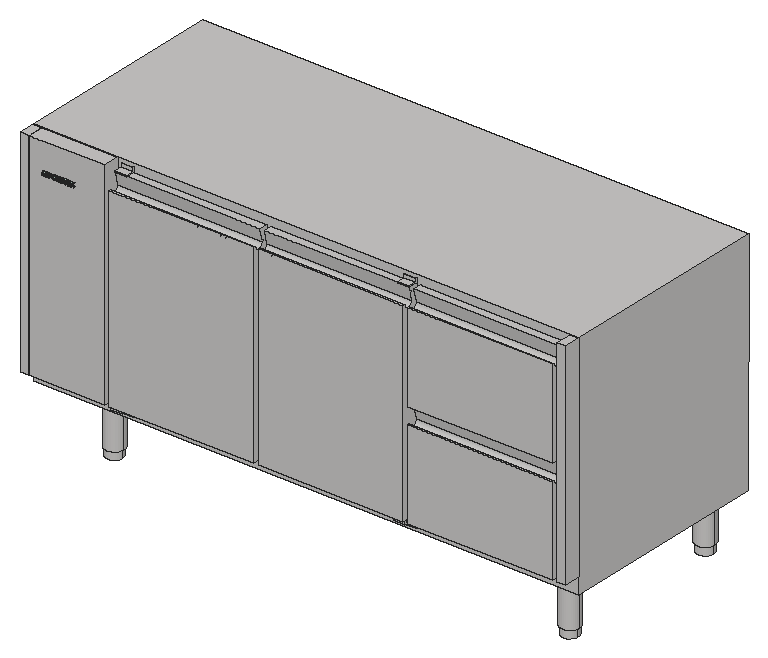
Revit family "QF_ALPENINOX_713349_AHR3RL", category Specialty Equipment, Revit 2014
Parameters
  Manufacturer = ""
  Model = ""
  Description = ""
Reference planes
  plane 1: z = 0
  plane 2 "Center (Left/Right)": x = -124.5
  plane 3 "Center (Front/Back)": y = 64.5
  plane 4 "FEET": z = 150
  plane 5 "TOP": z = 900
  plane 6 "PLAIN": z = 850
  plane 7 "EI_back": y = -116
  plane 8 "EI_left": x = -825
  plane 9 "BACK": y = 412
  plane 10 "FRONT": y = -283
  plane 11 "DOOR": y = -233
  plane 12 "LEFT": x = -953
  plane 13 "RIGHT": x = 704
  plane 14: x = -928
  plane 15: x = 679
  plane 16 "RO_left": x = -872
  plane 17 "RI_left": x = -847
  plane 18 "RO_back": y = 39
  plane 19 "RI_back": y = 39
  plane 20 "DRAINleft": x = -887
  plane 21 "DRAINback": y = 164
Forms (mm)
  Extrusion 1, solid, material "QF_Finishes_Stainless Steel"
    sketch origin (-1022.223, -1524, 150) x (-1, 0, 0) y (0, -1, 0)
      loop
        circle (-197.223, -1408) r 5
    from 0 to -40
  Extrusion 2, solid, material "QF_Finishes_Stainless Steel"
    sketch origin (-1022.223, -1524, 150) x (-1, 0, 0) y (0, -1, 0)
      loop
        line (-1701.223, -1291) -> (-1701.223, -1241) -> (-1726.223, -1241) -> (-1726.223, -1291) -> (-1701.223, -1291)
    from 48 to 700
  Extrusion 3, solid, material "QF_Finishes_Stainless Steel"
    sketch origin (-1022.223, -1524, 150) x (-1, 0, 0) y (0, -1, 0)
      loop
        circle (-150.223, -1563) r 4.25
    from 0 to -20
  Extrusion 4, solid, material "QF_Finishes_Stainless Steel"
    sketch origin (-1022.223, -1524, 150) x (-1, 0, 0) y (0, -1, 0)
      loop
        circle (-175.223, -1563) r 4
    from 0 to -20
  Extrusion 5, solid, material "QF_Finishes_Stainless Steel"
    sketch origin (-1022.223, -1524, 150) x (-1, 0, 0) y (0, -1, 0)
      loop
        circle (-135.223, -1688) r 8.5
    from 0 to -40
  Extrusion 6, solid, material "QF_Finishes_Stainless Steel"
    sketch origin (-1022.223, -1524, 150) x (-1, 0, 0) y (0, -1, 0)
      loop
        line (-69.223, -1936) -> (-69.223, -1291) -> (-1726.223, -1291) -> (-1726.223, -1936) -> (-69.223, -1936)
    from 0 to 700
  Extrusion 7, solid, material "QF_Finishes_Stainless Steel"
    sketch origin (773.223, -1524, 150) x (1, 0, 0) y (0, 1, 0)
      loop
        line (-1701.223, 1291) -> (-1726.223, 1291) -> (-1726.223, 1241) -> (-1701.223, 1241) -> (-1701.223, 1291)
    from 48 to 700
Lines and regions (mm)
  symbolic lines, style "SpecialityEquipmentHiddenLines"
    curve 1: line (-953, 412, 150) -> (704, 412, 150)
    curve 2: line (-953, -283, 150) -> (-953, 412, 150)
    curve 3: line (704, -283, 150) -> (-953, -283, 150)
    curve 4: line (704, 412, 150) -> (704, -283, 150)
    curve 5: line (-953, -233, 150) -> (704, -233, 150)
    curve 6: line (679, -233, 150) -> (679, -283, 150)
    curve 7: line (-928, -233, 150) -> (-928, -283, 150)
Dimensions and locks
  plane 4 "FEET" to level = 150 mm
  plane 11 "DOOR" to plane 10 "FRONT" = 50 mm
  plane 6 "PLAIN" to plane 4 "FEET" = 700 mm
  plane 5 "TOP" to plane 6 "PLAIN" = 50 mm
  plane 12 "LEFT" to plane 14 = 25 mm
  plane 15 to plane 13 "RIGHT" = 25 mm
  plane 9 "BACK" to plane 18 "RO_back" = 373 mm
  plane 9 "BACK" to plane 7 "EI_back" = 528 mm
  plane 9 "BACK" to plane 19 "RI_back" = 373 mm
  plane 9 "BACK" to plane 21 "DRAINback" = 248 mm
  plane 12 "LEFT" to plane 20 "DRAINleft" = 66 mm
  plane 12 "LEFT" to plane 8 "EI_left" = 128 mm
  plane 12 "LEFT" to plane 17 "RI_left" = 106 mm
  plane 12 "LEFT" to plane 16 "RO_left" = 81 mm
  plane 9 "BACK" to plane 10 "FRONT" = 695 mm
  equal spacing: plane 9 "BACK", plane 3 "Center (Front/Back)", plane 10 "FRONT"
  plane 12 "LEFT" to plane 13 "RIGHT" = 1657 mm
  equal spacing: plane 12 "LEFT", plane 2 "Center (Left/Right)", plane 13 "RIGHT"
  aligned and locked: level to plane 1
Automatic sketch dimensions
  Extrusion 1 sketch curve to plane 7 "EI_back" = 0 mm
  Extrusion 1 sketch curve to plane 8 "EI_left" = 0 mm
  Extrusion 2 sketch curve to plane 11 "DOOR" = 0 mm
  Extrusion 2 sketch curve to plane 13 "RIGHT" = 0 mm
  Extrusion 2 sketch curve to plane 10 "FRONT" = 0 mm
  Extrusion 2 sketch curve to plane 15 = 0 mm
  Extrusion 3 sketch curve to plane 16 "RO_left" = 0 mm
  Extrusion 3 sketch curve to plane 18 "RO_back" = 0 mm
  Extrusion 5 sketch curve to plane 20 "DRAINleft" = 0 mm
  Extrusion 5 sketch curve to plane 21 "DRAINback" = 0 mm
  Extrusion 6 sketch curve to plane 9 "BACK" = 0 mm
  Extrusion 6 sketch curve to plane 13 "RIGHT" = 0 mm
  Extrusion 6 sketch curve to plane 11 "DOOR" = 0 mm
  Extrusion 6 sketch curve to plane 12 "LEFT" = 0 mm
  curve 4 to plane 10 "FRONT" = 0 mm
  curve 4 to plane 13 "RIGHT" = 0 mm
  curve 6 to plane 11 "DOOR" = 0 mm
  curve 6 to plane 15 = 0 mm
  curve 7 to plane 14 = 0 mm
  curve 3 to plane 12 "LEFT" = 0 mm
  curve 1 to plane 9 "BACK" = 0 mm
  Extrusion 7 sketch curve to plane 11 "DOOR" = 0 mm
  Extrusion 7 sketch curve to plane 12 "LEFT" = 0 mm
  Extrusion 7 sketch curve to plane 10 "FRONT" = 0 mm
  Extrusion 7 sketch curve to plane 14 = 0 mm
  Extrusion 4 sketch curve to plane 17 "RI_left" = 0 mm
  Extrusion 4 sketch curve to plane 19 "RI_back" = 0 mm
  radius of Extrusion 1 sketch curve = 5 mm
  radius of Extrusion 3 sketch curve = 4.25 mm
  radius of Extrusion 5 sketch curve = 8.5 mm
  radius of Extrusion 4 sketch curve = 4 mm
Nested families
  nested 1: "HPP_Refrigerator" at (704, -283, 0), type "HPP_Refrigerator"
  nested 2: "HPP_FEET" at (-746, 331, 0), type "HPP_FEET"
  nested 3: "HPP_FEET" at (638, 331, 0), type "HPP_FEET"
  nested 4: "HPP_FEET" at (-746, -183, 0), type "HPP_FEET"
  nested 5: "HPP_FEET" at (638, -183, 0), type "HPP_FEET"
  nested 6: "HPP_APX_REM_TN_L" at (-733.58, -233, 598) x (1, 0, 0) z (0, -1, 0), type "HPP_APX_REM_TN_L"
    with Show Logo yes
  nested 7: "HPP_APX_SD_L" at (-463, -233, 512) x (1, 0, 0) z (0, -1, 0), type "HPP_APX_SD_L"
    with Show Clearance yes
  nested 8: "HPP_APX_SD_R" at (-9, -233, 512) x (1, 0, 0) z (0, -1, 0), type "HPP_APX_SD_R"
    with Show Clearance yes
  nested 9: "HPP_APX_HALF" at (445, -233, 512) x (1, 0, 0) z (0, -1, 0), type "HPP_APX_HALF"
    with Show Clearance yes
Connectors
  electrical at (-825, -116, 110)
    settings: on Extrusion 1, index 1, voltage 0 V, apparent load 0 VA, apparent load phase1 0 VA, apparent load phase2 0 VA, apparent load phase3 0 VA, power factor 1, load classification "Other", number of poles 1, system type 31, power factor state 1, is connector primary yes, connector utility no, sub classification motor no, connector description "Electrical Connection"
  piping at (-872, 39, 130), diameter 9.5
    settings: on Extrusion 3, index 3, connector inside diameter 609.6 mm, connector length 0 mm, flow factor 0, pipe flow 0.0 L/s, pressure drop 0.0 Pa, fitting loss kfactor 0, connector angle 0.00°, fixture units 0, engagement length 0 mm, angle of deflection 0.00°, flow configuration 1, flow direction 2, fitting loss method 0, system type 8, joint type 0, gender type 0, connector reference index -1, connector utility 0, adjustable connector no, is connector primary yes, connector description "Refrigerant Outlet"
  piping at (-847, 39, 130), diameter 8
    settings: on Extrusion 4, index 4, connector inside diameter 609.6 mm, connector length 0 mm, flow factor 0, pipe flow 0.0 L/s, pressure drop 0.0 Pa, fitting loss kfactor 0, connector angle 0.00°, fixture units 0, engagement length 0 mm, angle of deflection 0.00°, flow configuration 1, flow direction 1, fitting loss method 0, system type 7, joint type 0, gender type 0, connector reference index -1, connector utility 0, adjustable connector no, is connector primary no, connector description "Refrigerant Inlet"
  piping at (-887, 164, 110), diameter 17
    settings: on Extrusion 5, index 5, connector inside diameter 609.6 mm, connector length 0 mm, flow factor 0, pipe flow 0.0 L/s, pressure drop 0.0 Pa, fitting loss kfactor 0, connector angle 0.00°, fixture units 0, engagement length 0 mm, angle of deflection 0.00°, flow configuration 1, flow direction 2, fitting loss method 0, system type 16, joint type 0, gender type 0, connector reference index -1, connector utility 0, adjustable connector no, is connector primary no, connector description "Drain"
Definition of nested family "HPP_FEET"
  Parameters (values of type "HPP_FEET")
    FEET = 150 mm
  Reference planes
    plane 1 "Center (Front/Back)": y = 0
    plane 2: z = 0
    plane 3 "Center (Left/Right)": x = 0
    plane 4: z = 150
  Forms (mm)
    Revolve 1, solid, material "QF_Finishes_Stainless Steel"
      sketch origin (255.05, 0, 608.09) x (0, 0, 1) y (-1, 0, 0)
        loop
          line (-608.09, 255.05) -> (-608.09, 230.05) -> (-583.09, 230.05) -> (-583.09, 226.05) -> (-458.09, 226.05) -> (-458.09, 255.05) -> (-608.09, 255.05)
        axis (-608.09, 255.05) -> (-458.09, 255.05)
      angle from 0 to 360
  Dimensions and locks
    locked: Revolve 1 sketch curve to Revolve 1 sketch curve at 125
    "FEET": plane 4 to plane 2
    aligned and locked: level to plane 2
    aligned and locked: plane 4 to Revolve 1 sketch curve
    aligned and locked: Revolve 1 sketch curve to level
    aligned and locked: plane 3 "Center (Left/Right)" to Revolve 1 sketch curve
  Automatic sketch dimensions
    Revolve 1 sketch curve to plane 3 "Center (Left/Right)" = 0 mm
    Revolve 1 sketch curve to Revolve 1 sketch curve = 25 mm
    Revolve 1 sketch curve to Revolve 1 sketch curve = 29 mm
    plane 4 to Revolve 1 sketch curve = 50 mm
    Revolve 1 sketch curve to Revolve 1 sketch curve = 20 mm
Definition of nested family "HPP_APX_REM_TN_L"
  Parameters (values of type "HPP_APX_REM_TN_L")
    Show Logo [instance] = yes
    Default Elevation = 1219.2 mm
  Reference planes
    plane 1 "Center (Front/Back)": y = -74
    plane 2: z = 0
    plane 3 "Center (Left/Right)": x = -78.92
    plane 4: x = -194.42
    plane 5: x = 36.58
    plane 6: y = 252
    plane 7: y = -400
  Forms (mm)
    Extrusion 1, solid
      sketch origin (0, 0, 0) x (1, 0, 0) y (0, 1, 0)
        loop
          line (-1219.2, 1219.2) -> (-1219.2, -1219.2) -> (1219.2, -1219.2) -> (1219.2, 1219.2) -> (-1219.2, 1219.2)
      from 0 to -304.8
    Extrusion 2, solid, material "QF_Finishes_Stainless Steel"
      sketch origin (0, 0, 0) x (1, 0, 0) y (0, 1, 0)
        loop
          line (-194.42, 252) -> (-194.42, -400) -> (36.58, -400) -> (36.58, 252) -> (-194.42, 252)
      from 0 to 50
    Extrusion 3, solid, material "QF_Finishes_Alpeninox_Soft Green"
      sketch origin (18.272, 0.892, 0) x (1, 0, 0) y (0, 1, 0)
        loop
          line (-168.675, 170.349) -> (-172.411, 160.318)
          arc (-172.411, 160.318) -> (-171.624, 158.497) -> (-169.837, 159.36) r 1.374
          line (-169.837, 159.36) -> (-169.268, 161.111) -> (-164.1, 161.111) -> (-163.54, 159.379)
          arc (-163.54, 159.379) -> (-161.802, 158.542) -> (-161.049, 160.318) r 1.333
          line (-161.049, 160.318) -> (-164.694, 170.349)
          arc (-164.694, 170.349) -> (-166.685, 171.876) -> (-168.675, 170.349) r 2.06
        loop
          line (-166.681, 169.055) -> (-168.469, 163.655) -> (-164.935, 163.655) -> (-166.681, 169.055)
        loop
          arc (-159.705, 160.042) -> (-159.262, 158.973) -> (-158.194, 158.531) r 1.512
          line (-158.194, 158.531) -> (-153.608, 158.531)
          arc (-153.608, 158.531) -> (-152.337, 159.802) -> (-153.608, 161.074) r 1.272
          line (-153.608, 161.074) -> (-156.917, 161.074) -> (-156.917, 170.328)
          arc (-156.917, 170.328) -> (-158.311, 171.722) -> (-159.705, 170.328) r 1.394
          line (-159.705, 170.328) -> (-159.705, 160.042)
        loop
          line (-151.076, 170.218) -> (-151.076, 159.859)
          arc (-151.076, 159.859) -> (-149.683, 158.466) -> (-148.29, 159.859) r 1.393
          line (-148.29, 159.859) -> (-148.29, 162.882) -> (-146.225, 162.882)
          arc (-146.225, 162.882) -> (-142.999, 163.859) -> (-141.608, 166.928) r 4.082
          arc (-141.608, 166.928) -> (-142.993, 170.272) -> (-146.336, 171.657) r 4.728
          line (-146.336, 171.657) -> (-149.638, 171.657)
          arc (-149.638, 171.657) -> (-150.655, 171.235) -> (-151.076, 170.218) r 1.439
        loop
          line (-148.29, 165.313) -> (-146.388, 165.313)
          arc (-146.388, 165.313) -> (-144.433, 167.268) -> (-146.388, 169.222) r 1.955
          line (-146.388, 169.222) -> (-148.29, 169.222) -> (-148.29, 165.313)
        loop
          arc (-131.184, 166.332) -> (-132.004, 168.2) -> (-133.767, 169.228) r 3.3
          arc (-133.767, 169.228) -> (-136.353, 168.661) -> (-137.611, 166.332) r 3.176
          line (-137.611, 166.332) -> (-131.184, 166.332)
        loop
          line (-137.538, 163.743) -> (-130.544, 163.743)
          arc (-130.544, 163.743) -> (-129.292, 163.916) -> (-128.301, 164.701) r 2.4
          arc (-128.301, 164.701) -> (-128.155, 165.545) -> (-128.212, 166.399) r 3.635
          arc (-128.212, 166.399) -> (-130.364, 170.162) -> (-134.39, 171.769) r 6.579
          arc (-134.39, 171.769) -> (-138.918, 169.706) -> (-140.661, 165.044) r 6.501
          arc (-140.661, 165.044) -> (-139.276, 160.789) -> (-135.401, 158.549) r 6.252
          arc (-135.401, 158.549) -> (-132.922, 158.526) -> (-130.544, 159.232) r 8.361
          arc (-130.544, 159.232) -> (-129.466, 159.781) -> (-128.641, 160.666) r 3.486
          arc (-128.641, 160.666) -> (-128.419, 161.592) -> (-128.828, 162.451) r 1.425
          arc (-128.828, 162.451) -> (-129.368, 162.762) -> (-129.99, 162.762) r 1.203
          arc (-129.99, 162.762) -> (-130.406, 162.59) -> (-130.764, 162.316) r 1.724
          arc (-130.764, 162.316) -> (-131.666, 161.705) -> (-132.646, 161.229) r 7.6
          arc (-132.646, 161.229) -> (-135.676, 161.35) -> (-137.538, 163.743) r 3.6
        loop
          line (-126.669, 170.328) -> (-126.669, 159.859)
          arc (-126.669, 159.859) -> (-125.273, 158.463) -> (-123.878, 159.859) r 1.396
          line (-123.878, 159.859) -> (-123.878, 166.785) -> (-117.946, 159.029)
          arc (-117.946, 159.029) -> (-116.361, 158.51) -> (-115.379, 159.859) r 1.417
          line (-115.379, 159.859) -> (-115.379, 170.328)
          arc (-115.379, 170.328) -> (-116.774, 171.723) -> (-118.169, 170.328) r 1.395
          line (-118.169, 170.328) -> (-118.169, 163.311) -> (-124.101, 171.157)
          arc (-124.101, 171.157) -> (-125.687, 171.678) -> (-126.669, 170.328) r 1.418
        loop
          arc (-113.636, 159.859) -> (-112.241, 158.464) -> (-110.847, 159.859) r 1.394
          line (-110.847, 159.859) -> (-110.847, 170.328)
          arc (-110.847, 170.328) -> (-112.241, 171.723) -> (-113.636, 170.328) r 1.394
          line (-113.636, 170.328) -> (-113.636, 159.859)
        loop
          line (-109.102, 170.328) -> (-109.102, 159.859)
          arc (-109.102, 159.859) -> (-107.706, 158.463) -> (-106.31, 159.859) r 1.396
          line (-106.31, 159.859) -> (-106.31, 166.785) -> (-100.378, 159.029)
          arc (-100.378, 159.029) -> (-98.793, 158.51) -> (-97.812, 159.859) r 1.417
          line (-97.812, 159.859) -> (-97.812, 170.328)
          arc (-97.812, 170.328) -> (-99.207, 171.723) -> (-100.602, 170.328) r 1.395
          line (-100.602, 170.328) -> (-100.602, 163.311) -> (-106.533, 171.157)
          arc (-106.533, 171.157) -> (-108.119, 171.678) -> (-109.102, 170.328) r 1.418
        loop
          arc (-96.345, 165.093) -> (-95.619, 161.877) -> (-93.467, 159.379) r 6.806
          arc (-93.467, 159.379) -> (-91.792, 158.566) -> (-89.948, 158.31) r 5.956
          arc (-89.948, 158.31) -> (-88.104, 158.566) -> (-86.43, 159.379) r 5.956
          arc (-86.43, 159.379) -> (-84.277, 161.877) -> (-83.551, 165.093) r 6.806
          arc (-83.551, 165.093) -> (-84.277, 168.31) -> (-86.43, 170.808) r 6.806
          arc (-86.43, 170.808) -> (-88.104, 171.621) -> (-89.948, 171.877) r 5.956
          arc (-89.948, 171.877) -> (-91.792, 171.621) -> (-93.467, 170.808) r 5.956
          arc (-93.467, 170.808) -> (-95.619, 168.31) -> (-96.345, 165.093) r 6.806
        loop
          arc (-93.425, 165.093) -> (-93.138, 163.212) -> (-92.081, 161.629) r 4.387
          arc (-92.081, 161.629) -> (-91.087, 161.049) -> (-89.948, 160.881) r 3.035
          arc (-89.948, 160.881) -> (-88.809, 161.049) -> (-87.815, 161.629) r 3.035
          arc (-87.815, 161.629) -> (-86.759, 163.212) -> (-86.472, 165.093) r 4.387
          arc (-86.472, 165.093) -> (-86.759, 166.975) -> (-87.815, 168.558) r 4.387
          arc (-87.815, 168.558) -> (-88.809, 169.138) -> (-89.948, 169.306) r 3.035
          arc (-89.948, 169.306) -> (-91.087, 169.138) -> (-92.081, 168.558) r 3.035
          arc (-92.081, 168.558) -> (-93.138, 166.975) -> (-93.425, 165.093) r 4.387
        loop
          line (-82.843, 169.609) -> (-79.829, 165.552) -> (-83.513, 160.652)
          arc (-83.513, 160.652) -> (-83.216, 158.692) -> (-81.262, 159.029) r 1.388
          line (-81.262, 159.029) -> (-78.213, 163.232) -> (-75.164, 159.029)
          arc (-75.164, 159.029) -> (-73.211, 158.692) -> (-72.913, 160.652) r 1.388
          line (-72.913, 160.652) -> (-76.597, 165.552) -> (-73.584, 169.609)
          arc (-73.584, 169.609) -> (-73.952, 171.597) -> (-75.908, 171.084) r 1.38
          line (-75.908, 171.084) -> (-78.213, 167.841) -> (-80.519, 171.084)
          arc (-80.519, 171.084) -> (-82.474, 171.597) -> (-82.843, 169.609) r 1.38
      from 50 to 51.6
  Lines and regions (mm)
    Split face 1
      outline origin (0, 0, 50) x (1, 0, 0) y (0, 1, 0)
        loop
          line (36.58, 183) -> (-147.92, 183)
          arc (-147.92, 183) -> (-165.42, 165.5) -> (-147.92, 148) r 17.5
          line (-147.92, 148) -> (36.58, 148)
    Split face 2
      outline origin (12.5, 0, 50) x (1, 0, 0) y (0, 1, 0)
        loop
          line (-55.92, 177) -> (-55.92, 154) -> (14.08, 154) -> (14.08, 177) -> (-55.92, 177)
    Split face 3
      outline origin (12.5, 0, 50) x (1, 0, 0) y (0, 1, 0)
        loop
          line (-5.92, 174) -> (-5.92, 157) -> (11.08, 157) -> (11.08, 174) -> (-5.92, 174)
    Split face 4
      outline origin (0, 0, 50) x (1, 0, 0) y (0, 1, 0)
        loop
          line (-194.42, 188) -> (36.58, 188)
        loop
          line (-194.42, 143) -> (36.58, 143)
    symbolic lines, style "SpecialityEquipmentHiddenLines"
      curve 1: line (36.58, -74, 50) -> (36.58, -74, 0)
      curve 2: line (-194.42, -74, 50) -> (-194.42, -74, 0)
  Dimensions and locks
    equal spacing: plane 6, plane 1 "Center (Front/Back)", plane 7
    plane 4 to plane 5 = 231 mm
    equal spacing: plane 4, plane 3 "Center (Left/Right)", plane 5
    plane 6 to plane 7 = 652 mm
    aligned and locked: plane 2 to Extrusion 1
    aligned and locked: level to Extrusion 1
  Automatic sketch dimensions
    Extrusion 1 sketch curve to Extrusion 1 sketch curve = 2438.4 mm  (x2)
    Extrusion 2 sketch curve to plane 4 = 0 mm
    Extrusion 2 sketch curve to plane 5 = 0 mm
    Extrusion 2 sketch curve to plane 7 = 0 mm
    Extrusion 2 sketch curve to plane 6 = 0 mm
    Split face 1 sketch curve to Extrusion 2 = 0 mm  (x2)
    Split face 1 sketch curve to Extrusion 2 = 46.5 mm
    Split face 1 sketch curve to Extrusion 2 = 86.5 mm
    Split face 1 sketch curve to Split face 1 sketch curve = 17.5 mm
    Split face 2 sketch curve to Extrusion 2 = 80 mm
    Split face 2 sketch curve to Extrusion 2 = 10 mm
    Split face 2 sketch curve to Extrusion 2 = 98 mm
    Split face 2 sketch curve to Split face 2 sketch curve = 23 mm
    Split face 3 sketch curve to Extrusion 2 = 30 mm
    Split face 3 sketch curve to Split face 3 sketch curve = 17 mm  (x2)
    Split face 3 sketch curve to Extrusion 2 = 95 mm
    plane 4 to Extrusion 3 sketch curve = 40.282 mm
    Extrusion 3 sketch curve to Extrusion 3 sketch curve = 1.266 mm
    Extrusion 3 sketch curve to Extrusion 3 sketch curve = 1.307 mm
    Extrusion 3 sketch curve to Extrusion 3 sketch curve = 0.57 mm
    Extrusion 3 sketch curve to Extrusion 3 sketch curve = 0.593 mm
    Extrusion 3 sketch curve to Extrusion 3 sketch curve = 0.799 mm
    Extrusion 3 sketch curve to Extrusion 3 sketch curve = 1.99 mm  (x2)
    Extrusion 3 sketch curve to Extrusion 3 sketch curve = 0.003 mm
    Extrusion 3 sketch curve to Extrusion 3 sketch curve = 3.534 mm
    Extrusion 3 sketch curve to Extrusion 3 sketch curve = 0.835 mm
    Extrusion 3 sketch curve to Extrusion 3 sketch curve = 0.56 mm
    Extrusion 3 sketch curve to Extrusion 3 sketch curve = 1.268 mm
    Extrusion 3 sketch curve to Extrusion 3 sketch curve = 1.223 mm
    Extrusion 3 sketch curve to Extrusion 3 sketch curve = 1.344 mm
    Extrusion 3 sketch curve to Extrusion 3 sketch curve = 1.394 mm  (x2)
    Extrusion 3 sketch curve to Extrusion 3 sketch curve = 1.512 mm
    Extrusion 3 sketch curve to Extrusion 3 sketch curve = 3.309 mm
    Extrusion 3 sketch curve to Extrusion 3 sketch curve = 5.841 mm
    Extrusion 3 sketch curve to Extrusion 3 sketch curve = 1.393 mm
    Extrusion 3 sketch curve to Extrusion 3 sketch curve = 1.439 mm
    Extrusion 3 sketch curve to Extrusion 3 sketch curve = 0 mm  (x18)
    Extrusion 3 sketch curve to Extrusion 3 sketch curve = 1.902 mm
    Extrusion 3 sketch curve to Extrusion 3 sketch curve = 0.052 mm
    Extrusion 3 sketch curve to Extrusion 3 sketch curve = 2.065 mm
    Extrusion 3 sketch curve to Extrusion 3 sketch curve = 0.647 mm
    Extrusion 3 sketch curve to Extrusion 3 sketch curve = 8.079 mm
    Extrusion 3 sketch curve to Extrusion 3 sketch curve = 0.073 mm
    Extrusion 3 sketch curve to Extrusion 3 sketch curve = 2.145 mm
    Extrusion 3 sketch curve to Extrusion 3 sketch curve = 2.931 mm
    Extrusion 3 sketch curve to Extrusion 3 sketch curve = 0.213 mm
    Extrusion 3 sketch curve to Extrusion 3 sketch curve = 0.026 mm
    Extrusion 3 sketch curve to Extrusion 3 sketch curve = 0.263 mm
    Extrusion 3 sketch curve to Extrusion 3 sketch curve = 0.516 mm
    Extrusion 3 sketch curve to Extrusion 3 sketch curve = 0.356 mm
    Extrusion 3 sketch curve to Extrusion 3 sketch curve = 0.387 mm
    Extrusion 3 sketch curve to Extrusion 3 sketch curve = 2.378 mm
    Extrusion 3 sketch curve to Extrusion 3 sketch curve = 2.466 mm
    Extrusion 3 sketch curve to Extrusion 3 sketch curve = 0.602 mm
    Extrusion 3 sketch curve to Extrusion 3 sketch curve = 1.02 mm
    Extrusion 3 sketch curve to Extrusion 3 sketch curve = 0.949 mm
    Extrusion 3 sketch curve to Extrusion 3 sketch curve = 1.728 mm
    Extrusion 3 sketch curve to Extrusion 3 sketch curve = 0.157 mm  (x2)
    Extrusion 3 sketch curve to Extrusion 3 sketch curve = 0.292 mm
    Extrusion 3 sketch curve to Extrusion 3 sketch curve = 3.565 mm
    Extrusion 3 sketch curve to Extrusion 3 sketch curve = 1.396 mm  (x2)
    Extrusion 3 sketch curve to Extrusion 3 sketch curve = 1.418 mm  (x2)
    Extrusion 3 sketch curve to Extrusion 3 sketch curve = 1.151 mm  (x2)
    Extrusion 3 sketch curve to Extrusion 3 sketch curve = 5.709 mm  (x2)
    Extrusion 3 sketch curve to Extrusion 3 sketch curve = 0.224 mm  (x2)
    Extrusion 3 sketch curve to Extrusion 3 sketch curve = 1.149 mm  (x2)
    Extrusion 3 sketch curve to Extrusion 3 sketch curve = 1.395 mm  (x2)
    Extrusion 3 sketch curve to Extrusion 3 sketch curve = 1.744 mm
    Extrusion 3 sketch curve to Extrusion 3 sketch curve = 1.745 mm
    plane 3 "Center (Left/Right)" to Extrusion 3 sketch curve = 6.343 mm
    Extrusion 3 sketch curve to Extrusion 3 sketch curve = 0.493 mm  (x3)
    Extrusion 3 sketch curve to Extrusion 3 sketch curve = 0.273 mm  (x2)
    Extrusion 3 sketch curve to Extrusion 3 sketch curve = 0.021 mm  (x2)
    Extrusion 3 sketch curve to Extrusion 3 sketch curve = 0.226 mm  (x2)
    Extrusion 3 sketch curve to Extrusion 3 sketch curve = 0.268 mm  (x2)
    Extrusion 3 sketch curve to Extrusion 3 sketch curve = 0.294 mm
    Extrusion 3 sketch curve to Extrusion 3 sketch curve = 5.534 mm
    Extrusion 3 sketch curve to Extrusion 3 sketch curve = 6.205 mm
    Extrusion 3 sketch curve to Extrusion 3 sketch curve = 1.109 mm  (x2)
    Extrusion 3 sketch curve to Extrusion 3 sketch curve = 1.108 mm  (x2)
    Extrusion 3 sketch curve to Extrusion 3 sketch curve = 1.142 mm  (x2)
    Extrusion 3 sketch curve to Extrusion 3 sketch curve = 1.216 mm  (x2)
    Extrusion 3 sketch curve to Extrusion 3 sketch curve = 3.013 mm
    Extrusion 3 sketch curve to Extrusion 3 sketch curve = 1.616 mm  (x3)
    Extrusion 3 sketch curve to Extrusion 3 sketch curve = 2.305 mm
    Extrusion 3 sketch curve to Extrusion 3 sketch curve = 3.049 mm
    Extrusion 3 sketch curve to plane 6 = 92.577 mm
    Extrusion 3 sketch curve to Extrusion 3 sketch curve = 0.498 mm
    Extrusion 3 sketch curve to Extrusion 3 sketch curve = 0.682 mm
    Extrusion 3 sketch curve to Extrusion 3 sketch curve = 0.664 mm
    Extrusion 3 sketch curve to Extrusion 3 sketch curve = 0.425 mm
    Extrusion 3 sketch curve to Extrusion 3 sketch curve = 0.41 mm
    Extrusion 3 sketch curve to Extrusion 3 sketch curve = 1.272 mm
    Extrusion 3 sketch curve to Extrusion 3 sketch curve = 0.789 mm  (x2)
    Extrusion 3 sketch curve to Extrusion 3 sketch curve = 0.056 mm
    Extrusion 3 sketch curve to Extrusion 3 sketch curve = 0.83 mm
    Extrusion 3 sketch curve to Extrusion 3 sketch curve = 1.238 mm
    Extrusion 3 sketch curve to Extrusion 3 sketch curve = 1.732 mm
    Extrusion 3 sketch curve to Extrusion 3 sketch curve = 0.346 mm
    Extrusion 3 sketch curve to Extrusion 3 sketch curve = 1.123 mm
    Extrusion 3 sketch curve to Extrusion 3 sketch curve = 3.023 mm
    Extrusion 3 sketch curve to Extrusion 3 sketch curve = 4.203 mm
    Extrusion 3 sketch curve to Extrusion 3 sketch curve = 3.452 mm  (x2)
    Extrusion 3 sketch curve to Extrusion 3 sketch curve = 2.544 mm
    Extrusion 3 sketch curve to Extrusion 3 sketch curve = 1.177 mm
    Extrusion 3 sketch curve to Extrusion 3 sketch curve = 3.261 mm
    Extrusion 3 sketch curve to Extrusion 3 sketch curve = 0.352 mm  (x2)
    Extrusion 3 sketch curve to Extrusion 3 sketch curve = 1.987 mm
    Extrusion 3 sketch curve to Extrusion 3 sketch curve = 0.171 mm
    Extrusion 3 sketch curve to Extrusion 3 sketch curve = 0.533 mm  (x3)
    Extrusion 3 sketch curve to Extrusion 3 sketch curve = 0.14 mm  (x4)
    Extrusion 3 sketch curve to Extrusion 3 sketch curve = 0.473 mm
    Extrusion 3 sketch curve to Extrusion 3 sketch curve = 0.31 mm  (x2)
    Extrusion 3 sketch curve to Extrusion 3 sketch curve = 0.075 mm
    Extrusion 3 sketch curve to Extrusion 3 sketch curve = 2.431 mm
    Extrusion 3 sketch curve to Extrusion 3 sketch curve = 2.32 mm  (x2)
    Extrusion 3 sketch curve to Extrusion 3 sketch curve = 1.992 mm
    Extrusion 3 sketch curve to Extrusion 3 sketch curve = 0.674 mm
    Extrusion 3 sketch curve to Extrusion 3 sketch curve = 0.732 mm
    Extrusion 3 sketch curve to Extrusion 3 sketch curve = 0.388 mm
    Extrusion 3 sketch curve to Extrusion 3 sketch curve = 0.121 mm
    Extrusion 3 sketch curve to Extrusion 3 sketch curve = 2.589 mm
    Extrusion 3 sketch curve to Extrusion 3 sketch curve = 0.662 mm
    Extrusion 3 sketch curve to Extrusion 3 sketch curve = 3.473 mm
    Extrusion 3 sketch curve to Extrusion 3 sketch curve = 0.681 mm
    Extrusion 3 sketch curve to Extrusion 3 sketch curve = 1.615 mm
    Extrusion 3 sketch curve to Extrusion 3 sketch curve = 0.34 mm
    Extrusion 3 sketch curve to Extrusion 3 sketch curve = 2.288 mm
    Extrusion 3 sketch curve to Extrusion 3 sketch curve = 0.942 mm
    Extrusion 3 sketch curve to Extrusion 3 sketch curve = 5.4 mm
    Extrusion 3 sketch curve to Extrusion 3 sketch curve = 1.768 mm  (x2)
    Extrusion 3 sketch curve to Extrusion 3 sketch curve = 0.761 mm
    Extrusion 3 sketch curve to Extrusion 3 sketch curve = 0.996 mm
    Extrusion 3 sketch curve to Extrusion 3 sketch curve = 3.543 mm  (x2)
    Extrusion 3 sketch curve to Extrusion 3 sketch curve = 7.017 mm
    Extrusion 3 sketch curve to Extrusion 3 sketch curve = 0.11 mm
    Extrusion 3 sketch curve to Extrusion 3 sketch curve = 0.823 mm  (x2)
    Extrusion 3 sketch curve to Extrusion 3 sketch curve = 0.947 mm
    Extrusion 3 sketch curve to Extrusion 3 sketch curve = 3.837 mm
    Extrusion 3 sketch curve to Extrusion 3 sketch curve = 0.623 mm
    Extrusion 3 sketch curve to Extrusion 3 sketch curve = 1.082 mm
    Extrusion 3 sketch curve to Extrusion 3 sketch curve = 0.801 mm
    Extrusion 3 sketch curve to Extrusion 3 sketch curve = 1 mm
    Extrusion 3 sketch curve to Extrusion 3 sketch curve = 0.089 mm
    plane 3 "Center (Left/Right)" to Extrusion 3 sketch curve = 0.847 mm
    plane 3 "Center (Left/Right)" to Extrusion 3 sketch curve = 3.726 mm  (x2)
    plane 3 "Center (Left/Right)" to Extrusion 3 sketch curve = 3.767 mm
    plane 3 "Center (Left/Right)" to Extrusion 3 sketch curve = 5.111 mm  (x2)
    plane 3 "Center (Left/Right)" to Extrusion 3 sketch curve = 7.244 mm  (x4)
    Extrusion 3 sketch curve to Extrusion 3 sketch curve = 2.133 mm  (x2)
    Extrusion 3 sketch curve to Extrusion 3 sketch curve = 1.385 mm  (x2)
    Extrusion 3 sketch curve to Extrusion 3 sketch curve = 5.603 mm
    Extrusion 3 sketch curve to Extrusion 3 sketch curve = 2.571 mm
    Split face 4 sketch curve to Extrusion 2 = 0 mm  (x4)
    Split face 4 sketch curve to Extrusion 2 = 109 mm
    Split face 4 sketch curve to Split face 4 sketch curve = 45 mm
    curve 2 to plane 4 = 0 mm
    curve 1 to level = 0 mm
    curve 1 to plane 5 = 0 mm
    curve 2 to level = 0 mm
    level to curve 2 = 50 mm
    level to curve 1 = 50 mm
Definition of nested family "HPP_APX_SD_L"
  Parameters (values of type "HPP_APX_SD_L")
    Show Clearance [instance] = yes
    Default Elevation = 1219.2 mm
  Reference planes
    plane 1 "Center (Front/Back)": y = 0
    plane 2: z = 0
    plane 3 "Center (Left/Right)": x = 0
    plane 4: x = -234
    plane 5: x = 234
  Forms (mm)
    Extrusion 1, solid
      sketch origin (0, 0, 0) x (1, 0, 0) y (0, 1, 0)
        loop
          line (-1219.2, 1219.2) -> (-1219.2, -1219.2) -> (1219.2, -1219.2) -> (1219.2, 1219.2) -> (-1219.2, 1219.2)
      from 0 to -304.8
    Extrusion 2, solid, material "QF_Finishes_Stainless Steel"
      sketch origin (0, 0, -3) x (0, 1, 0) y (0, 0, 1)
        loop
          line (-314, 53) -> (-314, 3) -> (314, 3) -> (314, 29) -> (274.395, 20)
          arc (274.395, 20) -> (260.396, 33.803) -> (274, 47.994) r 14
          line (274, 47.994) -> (274, 53) -> (-314, 53)
      from -220 to 220
    Extrusion 3, solid, material "QF_Finishes_Stainless Steel"
      sketch origin (0, 0, 0) x (0, 1, 0) y (0, 0, -1)
        loop
          line (-323.003, -40.312) -> (-323.003, -12.259) -> (-323.003, 0) -> (-351.511, 0) -> (-351.511, -2.5) -> (-325.503, -2.5) -> (-325.503, -42.812) -> (-316.501, -42.812) -> (-316.501, -40.312) -> (-323.003, -40.312)
        loop
          line (-314, -38.311) -> (-314, -11.804) -> (-319.752, -11.804) -> (-319.752, -14.304) -> (-316.501, -14.304) -> (-316.501, -38.311) -> (-314, -38.311)
        loop
          line (315.003, -27.948) -> (317.503, -27.948) -> (317.503, -2.5) -> (327.503, -2.5) -> (327.503, 0) -> (315.003, 0) -> (315.003, -2.948) -> (315.003, -27.948)
      from 185 to 220
    Extrusion 4, solid, material "QF_Door-Drawer Clearances", visible <- "Show Clearance", detail levels coarse
      sketch origin (0, 0, -3) x (-1, 0, 0) y (0, 0, -1)
        loop
          line (220, -53) -> (-220, -53)
          arc (-220, -53) -> (-79.636, -340.04) -> (220, -451) r 430
          line (220, -451) -> (220, -53)
      from -314 to 314
  Lines and regions (mm)
    symbolic lines, style "QF_Door-Drawer Clearances"
      curve 1: arc (219.599, 0, 55) -> (95.934, 0, 321.503) -> (-170, 0, 446.39) r 430
      curve 2: line (-220, 0, 55) -> (-220, 0, 448)
      curve 3: line (-170, 0, 55) -> (-170, 0, 448)
      curve 4: line (-220, 0, 448) -> (-170, 0, 448)
  Dimensions and locks
    plane 4 to plane 3 "Center (Left/Right)" to plane 5 = 234 mm locked, 234 mm locked
    aligned and locked: plane 2 to Extrusion 1
    aligned and locked: level to Extrusion 1
Definition of nested family "HPP_APX_SD_R"
  Parameters (values of type "HPP_APX_SD_R")
    Show Clearance [instance] = yes
    Default Elevation = 1219.2 mm
  Reference planes
    plane 1 "Center (Front/Back)": y = 0
    plane 2: z = 0
    plane 3 "Center (Left/Right)": x = 0
    plane 4: x = -234
    plane 5: x = 234
  Forms (mm)
    Extrusion 1, solid
      sketch origin (0, 0, 0) x (1, 0, 0) y (0, 1, 0)
        loop
          line (-1219.2, 1219.2) -> (-1219.2, -1219.2) -> (1219.2, -1219.2) -> (1219.2, 1219.2) -> (-1219.2, 1219.2)
      from 0 to -304.8
    Extrusion 2, solid, material "QF_Finishes_Stainless Steel"
      sketch origin (0, 0, -3) x (0, 1, 0) y (0, 0, -1)
        loop
          line (-314, -53) -> (274, -53) -> (274, -47.994)
          arc (274, -47.994) -> (260.396, -33.803) -> (274.395, -20) r 14
          line (274.395, -20) -> (314, -29) -> (314, -3) -> (-314, -3) -> (-314, -53)
      from -220 to 220
    Extrusion 3, solid, material "QF_Finishes_Stainless Steel"
      sketch origin (0, 0, 0) x (0, 1, 0) y (0, 0, 1)
        loop
          line (-323.003, 40.312) -> (-316.501, 40.312) -> (-316.501, 42.812) -> (-325.503, 42.812) -> (-325.503, 2.5) -> (-351.511, 2.5) -> (-351.511, 0) -> (-323.003, 0) -> (-323.003, 12.259) -> (-323.003, 40.312)
        loop
          line (-314, 38.311) -> (-316.501, 38.311) -> (-316.501, 14.304) -> (-319.752, 14.304) -> (-319.752, 11.804) -> (-314, 11.804) -> (-314, 38.311)
        loop
          line (315.003, 27.948) -> (315.003, 2.948) -> (315.003, 0) -> (327.503, 0) -> (327.503, 2.5) -> (317.503, 2.5) -> (317.503, 27.948) -> (315.003, 27.948)
      from 185 to 220
    Extrusion 4, solid, material "QF_Door-Drawer Clearances", visible <- "Show Clearance", detail levels coarse
      sketch origin (0, 0, -3) x (1, 0, 0) y (0, 0, 1)
        loop
          line (220, 53) -> (220, 451)
          arc (220, 451) -> (-79.636, 340.04) -> (-220, 53) r 430
          line (-220, 53) -> (220, 53)
      from -314 to 314
  Lines and regions (mm)
    symbolic lines, style "QF_Door-Drawer Clearances"
      curve 1: arc (-219.599, 0, 55) -> (-95.934, 0, 321.503) -> (170, 0, 446.39) r 430
      curve 2: line (220, 0, 55) -> (220, 0, 448)
      curve 3: line (170, 0, 55) -> (170, 0, 448)
      curve 4: line (220, 0, 448) -> (170, 0, 448)
  Dimensions and locks
    plane 4 to plane 3 "Center (Left/Right)" to plane 5 = 234 mm locked, 234 mm locked
    aligned and locked: plane 2 to Extrusion 1
    aligned and locked: level to Extrusion 1
Definition of nested family "HPP_APX_HALF"
  Parameters (values of type "HPP_APX_HALF")
    Show Clearance [instance] = yes
    Default Elevation = 1219.2 mm
  Reference planes
    plane 1 "Center (Front/Back)": y = 0
    plane 2: z = 0
    plane 3 "Center (Left/Right)": x = 0
    plane 4: x = -234
    plane 5: x = 234
    plane 6: z = 618
  Forms (mm)
    Extrusion 1, solid
      sketch origin (0, 0, 0) x (1, 0, 0) y (0, 1, 0)
        loop
          line (-1219.2, 1219.2) -> (-1219.2, -1219.2) -> (1219.2, -1219.2) -> (1219.2, 1219.2) -> (-1219.2, 1219.2)
      from 0 to -304.8
    Extrusion 2, solid, material "QF_Finishes_Stainless Steel"
      sketch origin (0, 0, 0) x (0, 1, 0) y (0, 0, 1)
        loop
          line (314, 0) -> (314, 26) -> (274.395, 17)
          arc (274.395, 17) -> (260.395, 31) -> (274.395, 45) r 14
          line (274.395, 45) -> (274.395, 50) -> (5, 50) -> (5, 0) -> (314, 0)
        loop
          line (-5, 0) -> (-5, 26) -> (-44.605, 17)
          arc (-44.605, 17) -> (-58.605, 31) -> (-44.605, 45) r 14
          line (-44.605, 45) -> (-44.605, 50) -> (-314, 50) -> (-314, 0) -> (-5, 0)
      from -220 to 220
    Extrusion 3, solid, material "QF_Door-Drawer Clearances", visible <- "Show Clearance", detail levels coarse
      sketch origin (0, 0, 512) x (0, 1, 0) y (0, 0, 1)
        loop
          line (-314, 106) -> (-314, -462) -> (-5, -462) -> (-5, 82) -> (-44.605, 73)
          arc (-44.605, 73) -> (-58.605, 87) -> (-44.605, 101) r 14
          line (-44.605, 101) -> (-44.605, 106) -> (-314, 106)
        loop
          line (314, -462) -> (314, 82) -> (274.395, 73)
          arc (274.395, 73) -> (260.395, 87) -> (274.395, 101) r 14
          line (274.395, 101) -> (274.395, 106) -> (5, 106) -> (5, -462) -> (314, -462)
      from -220 to 220
  Lines and regions (mm)
    symbolic lines, style "QF_Door-Drawer Clearances"
      curve 1: line (220, 0, 139.793) -> (-220, 0, 139.793)
      curve 2: line (220, 0, 174.793) -> (-220, 0, 174.793)
      curve 3: line (220, 0, 259.793) -> (-220, 0, 259.793)
      curve 4: line (220, 0, 294.793) -> (-220, 0, 294.793)
      curve 5: line (191.424, 0, 139.793) -> (191.424, 0, 54.793)
      curve 6: line (-190, 0, 139.793) -> (-190, 0, 54.793)
      curve 7: line (191.424, 0, 259.793) -> (191.424, 0, 174.793)
      curve 8: line (-190, 0, 259.793) -> (-190, 0, 174.793)
      curve 9: line (220, 0, 259.793) -> (220, 0, 294.793)
      curve 10: line (-220, 0, 259.793) -> (-220, 0, 294.793)
      curve 11: line (220, 0, 139.793) -> (220, 0, 174.793)
      curve 12: line (-220, 0, 139.793) -> (-220, 0, 174.793)
  Dimensions and locks
    plane 4 to plane 3 "Center (Left/Right)" to plane 5 = 234 mm locked, 234 mm locked
    plane 6 to level = 618 mm
    aligned and locked: plane 2 to Extrusion 1
    aligned and locked: level to Extrusion 1
Definition of nested family "HPP_Refrigerator"
  Reference planes
    plane 1 "Center (Front/Back)": y = 0
    plane 2: z = 0
    plane 3 "Center (Left/Right)": x = 0
  Lines and regions (mm)
    detail lines, in view "Ref. Level"
      curve 1: spline (-500, 190, 0) -> (-493.185, 166.706, 0) -> (-473.205, 145, 0) -> (-441.421, 126.36, 0) -> (-400, 112.058, 0) -> (-351.764, 103.067, 0) -> (-300, 100, 0) -> (-248.236, 103.067, 0) -> (-200, 112.058, 0) -> (-158.579, 126.36, 0) -> (-126.795, 145, 0) -> (-106.815, 166.706, 0) -> (-100, 190, 0) -> (-106.815, 213.294, 0) -> (-126.795, 235, 0) -> (-158.579, 253.64, 0) -> (-200, 267.942, 0) -> (-248.236, 276.933, 0) -> (-300, 280, 0) -> (-351.764, 276.933, 0) -> (-400, 267.942, 0) -> (-441.421, 253.64, 0) -> (-473.205, 235, 0) -> (-493.185, 213.294, 0) -> (-500, 190, 0)
      curve 2: line (-300, 130, 0) -> (-300, 250, 0)
      curve 3: line (-351.962, 220, 0) -> (-248.038, 160, 0)
      curve 4: line (-351.962, 160, 0) -> (-248.038, 220, 0)
      curve 5: line (-280.884, 246.873, 0) -> (-300, 225, 0)
      curve 6: line (-300, 225, 0) -> (-319.116, 246.873, 0)
      curve 7: line (-330.311, 207.5, 0) -> (-339.696, 234.992, 0)
      curve 8: line (-358.812, 201.882, 0) -> (-330.311, 207.5, 0)
      curve 9: line (-330.311, 172.5, 0) -> (-358.812, 178.118, 0)
      curve 10: line (-339.696, 145.008, 0) -> (-330.311, 172.5, 0)
      curve 11: line (-300, 155, 0) -> (-319.116, 133.127, 0)
      curve 12: line (-280.884, 133.127, 0) -> (-300, 155, 0)
      curve 13: line (-269.689, 172.5, 0) -> (-260.304, 145.008, 0)
      curve 14: line (-241.188, 178.118, 0) -> (-269.689, 172.5, 0)
      curve 15: line (-269.689, 207.5, 0) -> (-241.188, 201.882, 0)
      curve 16: line (-260.304, 234.992, 0) -> (-269.689, 207.5, 0)
